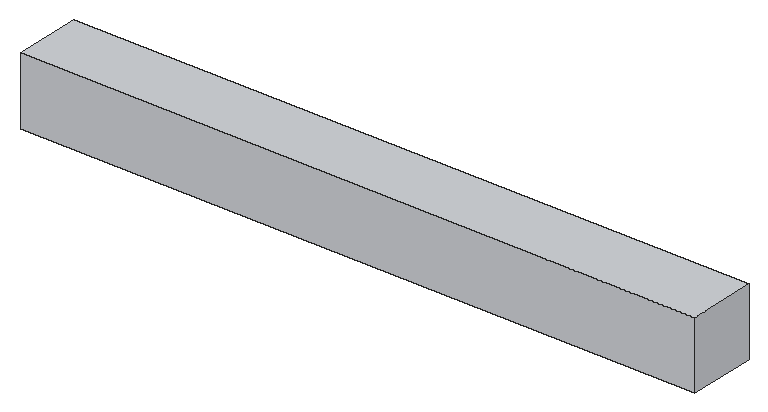
Revit family "GIANG TUONG", category Generic Models, Revit 2025
Family settings
  Can host rebar = No
  Round Connector Dimension = Use Diameter
  Part Type = Normal
  Work Plane-Based = No
  Always vertical = Yes
  Cut with Voids When Loaded = No
  Maintain Annotation Orientation = No
  Shared = No
  Room Calculation Point = No
Parameters
  VATLIEU [instance] = none
  L [instance] = 3000 mm
  H [instance] = 300 mm
  Default Elevation = 0 mm
  B [instance] = 300 mm
Reference planes
  plane 1 "Center (Front/Back)": y = 0
  plane 2: z = 0
  plane 3 "Center (Left/Right)": x = 0
  plane 4: x = -1500
  plane 5: x = 1500
  plane 6: z = 150
  plane 7: z = -150
  plane 8: y = 150
  plane 9: y = -150
Forms (mm)
  Sweep 1, solid, material <- "VATLIEU"
    path origin (0, 0, 0) x (1, 0, 0) y (0, 0, 1)
      loop
        line (-1500, 0) -> (1500, 0)
    profile origin (0, 0, 0) x (0, 0, 1) y (0, -1, 0)
      loop
        line (150, -150) -> (150, 150) -> (-150, 150) -> (-150, -150) -> (150, -150)
Dimensions and locks
  equal spacing: plane 5, plane 3 "Center (Left/Right)", plane 4
  "L": plane 5 to plane 4
  equal spacing: plane 6, level, plane 7
  equal spacing: plane 8, plane 1 "Center (Front/Back)", plane 9
  "H": plane 6 to plane 7
  "B": plane 8 to plane 9
  aligned and locked: level to plane 2
  aligned and locked: plane 6 to Sweep 1 sketch curve
  aligned and locked: Sweep 1 sketch curve to plane 8
  aligned and locked: Sweep 1 sketch curve to plane 7
  aligned and locked: plane 9 to Sweep 1 sketch curve
Automatic sketch dimensions
  Sweep 1 sketch curve to level = 0 mm
  Sweep 1 sketch curve to plane 5 = 0 mm
  Sweep 1 sketch curve to plane 4 = 0 mm
